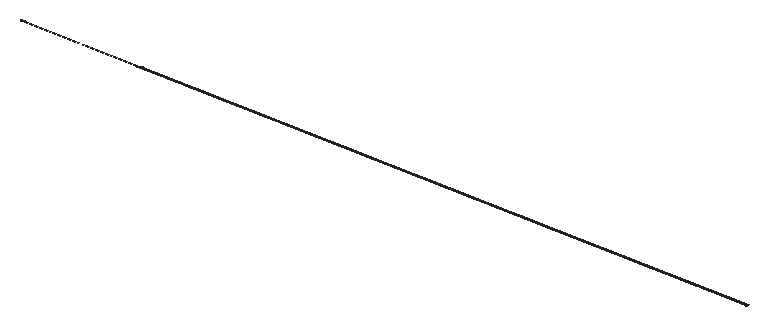
Revit family "Flex Pro IP20_0068175-78", category Lighting Fixtures, host Face, Revit 2017 (continued)
Forms (mm)
  Extrusion 66, solid
    sketch origin (2897.891, 0, 0) x (1, 0, 0) y (0, 1, 0)
      loop
        line (7.4, -1.7) -> (7.4, 1.7) -> (4.6, 1.7) -> (4.6, -1.7) -> (7.4, -1.7)
      loop
        line (15.7, -1.7) -> (15.7, 1.7) -> (12.9, 1.7) -> (12.9, -1.7) -> (15.7, -1.7)
      loop
        line (21.2, 1.7) -> (21.2, -1.7) -> (24, -1.7) -> (24, 1.7) -> (21.2, 1.7)
      loop
        line (32.3, -1.7) -> (32.3, 1.7) -> (29.5, 1.7) -> (29.5, -1.7) -> (32.3, -1.7)
      loop
        line (40.6, -1.7) -> (40.6, 1.7) -> (37.8, 1.7) -> (37.8, -1.7) -> (40.6, -1.7)
      loop
        line (48.9, -1.7) -> (48.9, 1.7) -> (46.1, 1.7) -> (46.1, -1.7) -> (48.9, -1.7)
    from -1.2 to 0
  Extrusion 67, solid
    sketch origin (2947.855, 0, 0) x (1, 0, 0) y (0, 1, 0)
      loop
        line (7.4, -1.7) -> (7.4, 1.7) -> (4.6, 1.7) -> (4.6, -1.7) -> (7.4, -1.7)
      loop
        line (15.7, -1.7) -> (15.7, 1.7) -> (12.9, 1.7) -> (12.9, -1.7) -> (15.7, -1.7)
      loop
        line (21.2, 1.7) -> (21.2, -1.7) -> (24, -1.7) -> (24, 1.7) -> (21.2, 1.7)
      loop
        line (32.3, -1.7) -> (32.3, 1.7) -> (29.5, 1.7) -> (29.5, -1.7) -> (32.3, -1.7)
      loop
        line (40.6, -1.7) -> (40.6, 1.7) -> (37.8, 1.7) -> (37.8, -1.7) -> (40.6, -1.7)
      loop
        line (48.9, -1.7) -> (48.9, 1.7) -> (46.1, 1.7) -> (46.1, -1.7) -> (48.9, -1.7)
    from -1.2 to 0
  Extrusion 68, solid
    sketch origin (2997.818, 0, 0) x (1, 0, 0) y (0, 1, 0)
      loop
        line (7.4, -1.7) -> (7.4, 1.7) -> (4.6, 1.7) -> (4.6, -1.7) -> (7.4, -1.7)
      loop
        line (15.7, -1.7) -> (15.7, 1.7) -> (12.9, 1.7) -> (12.9, -1.7) -> (15.7, -1.7)
      loop
        line (21.2, 1.7) -> (21.2, -1.7) -> (24, -1.7) -> (24, 1.7) -> (21.2, 1.7)
      loop
        line (32.3, -1.7) -> (32.3, 1.7) -> (29.5, 1.7) -> (29.5, -1.7) -> (32.3, -1.7)
      loop
        line (40.6, -1.7) -> (40.6, 1.7) -> (37.8, 1.7) -> (37.8, -1.7) -> (40.6, -1.7)
      loop
        line (48.9, -1.7) -> (48.9, 1.7) -> (46.1, 1.7) -> (46.1, -1.7) -> (48.9, -1.7)
    from -1.2 to 0
  Extrusion 69, solid
    sketch origin (3047.782, 0, 0) x (1, 0, 0) y (0, 1, 0)
      loop
        line (7.4, -1.7) -> (7.4, 1.7) -> (4.6, 1.7) -> (4.6, -1.7) -> (7.4, -1.7)
      loop
        line (15.7, -1.7) -> (15.7, 1.7) -> (12.9, 1.7) -> (12.9, -1.7) -> (15.7, -1.7)
      loop
        line (21.2, 1.7) -> (21.2, -1.7) -> (24, -1.7) -> (24, 1.7) -> (21.2, 1.7)
      loop
        line (32.3, -1.7) -> (32.3, 1.7) -> (29.5, 1.7) -> (29.5, -1.7) -> (32.3, -1.7)
      loop
        line (40.6, -1.7) -> (40.6, 1.7) -> (37.8, 1.7) -> (37.8, -1.7) -> (40.6, -1.7)
      loop
        line (48.9, -1.7) -> (48.9, 1.7) -> (46.1, 1.7) -> (46.1, -1.7) -> (48.9, -1.7)
    from -1.2 to 0
  Extrusion 70, solid
    sketch origin (3097.745, 0, 0) x (1, 0, 0) y (0, 1, 0)
      loop
        line (7.4, -1.7) -> (7.4, 1.7) -> (4.6, 1.7) -> (4.6, -1.7) -> (7.4, -1.7)
      loop
        line (15.7, -1.7) -> (15.7, 1.7) -> (12.9, 1.7) -> (12.9, -1.7) -> (15.7, -1.7)
      loop
        line (21.2, 1.7) -> (21.2, -1.7) -> (24, -1.7) -> (24, 1.7) -> (21.2, 1.7)
      loop
        line (32.3, -1.7) -> (32.3, 1.7) -> (29.5, 1.7) -> (29.5, -1.7) -> (32.3, -1.7)
      loop
        line (40.6, -1.7) -> (40.6, 1.7) -> (37.8, 1.7) -> (37.8, -1.7) -> (40.6, -1.7)
      loop
        line (48.9, -1.7) -> (48.9, 1.7) -> (46.1, 1.7) -> (46.1, -1.7) -> (48.9, -1.7)
    from -1.2 to 0
  Extrusion 71, solid
    sketch origin (3147.709, 0, 0) x (1, 0, 0) y (0, 1, 0)
      loop
        line (7.4, -1.7) -> (7.4, 1.7) -> (4.6, 1.7) -> (4.6, -1.7) -> (7.4, -1.7)
      loop
        line (15.7, -1.7) -> (15.7, 1.7) -> (12.9, 1.7) -> (12.9, -1.7) -> (15.7, -1.7)
      loop
        line (21.2, 1.7) -> (21.2, -1.7) -> (24, -1.7) -> (24, 1.7) -> (21.2, 1.7)
      loop
        line (32.3, -1.7) -> (32.3, 1.7) -> (29.5, 1.7) -> (29.5, -1.7) -> (32.3, -1.7)
      loop
        line (40.6, -1.7) -> (40.6, 1.7) -> (37.8, 1.7) -> (37.8, -1.7) -> (40.6, -1.7)
      loop
        line (48.9, -1.7) -> (48.9, 1.7) -> (46.1, 1.7) -> (46.1, -1.7) -> (48.9, -1.7)
    from -1.2 to 0
  Extrusion 72, solid
    sketch origin (3197.673, 0, 0) x (1, 0, 0) y (0, 1, 0)
      loop
        line (7.4, -1.7) -> (7.4, 1.7) -> (4.6, 1.7) -> (4.6, -1.7) -> (7.4, -1.7)
      loop
        line (15.7, -1.7) -> (15.7, 1.7) -> (12.9, 1.7) -> (12.9, -1.7) -> (15.7, -1.7)
      loop
        line (21.2, 1.7) -> (21.2, -1.7) -> (24, -1.7) -> (24, 1.7) -> (21.2, 1.7)
      loop
        line (32.3, -1.7) -> (32.3, 1.7) -> (29.5, 1.7) -> (29.5, -1.7) -> (32.3, -1.7)
      loop
        line (40.6, -1.7) -> (40.6, 1.7) -> (37.8, 1.7) -> (37.8, -1.7) -> (40.6, -1.7)
      loop
        line (48.9, -1.7) -> (48.9, 1.7) -> (46.1, 1.7) -> (46.1, -1.7) -> (48.9, -1.7)
    from -1.2 to 0
  Extrusion 73, solid
    sketch origin (3247.636, 0, 0) x (1, 0, 0) y (0, 1, 0)
      loop
        line (7.4, -1.7) -> (7.4, 1.7) -> (4.6, 1.7) -> (4.6, -1.7) -> (7.4, -1.7)
      loop
        line (15.7, -1.7) -> (15.7, 1.7) -> (12.9, 1.7) -> (12.9, -1.7) -> (15.7, -1.7)
      loop
        line (21.2, 1.7) -> (21.2, -1.7) -> (24, -1.7) -> (24, 1.7) -> (21.2, 1.7)
      loop
        line (32.3, -1.7) -> (32.3, 1.7) -> (29.5, 1.7) -> (29.5, -1.7) -> (32.3, -1.7)
      loop
        line (40.6, -1.7) -> (40.6, 1.7) -> (37.8, 1.7) -> (37.8, -1.7) -> (40.6, -1.7)
      loop
        line (48.9, -1.7) -> (48.9, 1.7) -> (46.1, 1.7) -> (46.1, -1.7) -> (48.9, -1.7)
    from -1.2 to 0
  Extrusion 74, solid
    sketch origin (3297.6, 0, 0) x (1, 0, 0) y (0, 1, 0)
      loop
        line (7.4, -1.7) -> (7.4, 1.7) -> (4.6, 1.7) -> (4.6, -1.7) -> (7.4, -1.7)
      loop
        line (15.7, -1.7) -> (15.7, 1.7) -> (12.9, 1.7) -> (12.9, -1.7) -> (15.7, -1.7)
      loop
        line (21.2, 1.7) -> (21.2, -1.7) -> (24, -1.7) -> (24, 1.7) -> (21.2, 1.7)
      loop
        line (32.3, -1.7) -> (32.3, 1.7) -> (29.5, 1.7) -> (29.5, -1.7) -> (32.3, -1.7)
      loop
        line (40.6, -1.7) -> (40.6, 1.7) -> (37.8, 1.7) -> (37.8, -1.7) -> (40.6, -1.7)
      loop
        line (48.9, -1.7) -> (48.9, 1.7) -> (46.1, 1.7) -> (46.1, -1.7) -> (48.9, -1.7)
    from -1.2 to 0
  Extrusion 75, solid
    sketch origin (3347.564, 0, 0) x (1, 0, 0) y (0, 1, 0)
      loop
        line (7.4, -1.7) -> (7.4, 1.7) -> (4.6, 1.7) -> (4.6, -1.7) -> (7.4, -1.7)
      loop
        line (15.7, -1.7) -> (15.7, 1.7) -> (12.9, 1.7) -> (12.9, -1.7) -> (15.7, -1.7)
      loop
        line (21.2, 1.7) -> (21.2, -1.7) -> (24, -1.7) -> (24, 1.7) -> (21.2, 1.7)
      loop
        line (32.3, -1.7) -> (32.3, 1.7) -> (29.5, 1.7) -> (29.5, -1.7) -> (32.3, -1.7)
      loop
        line (40.6, -1.7) -> (40.6, 1.7) -> (37.8, 1.7) -> (37.8, -1.7) -> (40.6, -1.7)
      loop
        line (48.9, -1.7) -> (48.9, 1.7) -> (46.1, 1.7) -> (46.1, -1.7) -> (48.9, -1.7)
    from -1.2 to 0
  Extrusion 76, solid
    sketch origin (3397.527, 0, 0) x (1, 0, 0) y (0, 1, 0)
      loop
        line (7.4, -1.7) -> (7.4, 1.7) -> (4.6, 1.7) -> (4.6, -1.7) -> (7.4, -1.7)
      loop
        line (15.7, -1.7) -> (15.7, 1.7) -> (12.9, 1.7) -> (12.9, -1.7) -> (15.7, -1.7)
      loop
        line (21.2, 1.7) -> (21.2, -1.7) -> (24, -1.7) -> (24, 1.7) -> (21.2, 1.7)
      loop
        line (32.3, -1.7) -> (32.3, 1.7) -> (29.5, 1.7) -> (29.5, -1.7) -> (32.3, -1.7)
      loop
        line (40.6, -1.7) -> (40.6, 1.7) -> (37.8, 1.7) -> (37.8, -1.7) -> (40.6, -1.7)
      loop
        line (48.9, -1.7) -> (48.9, 1.7) -> (46.1, 1.7) -> (46.1, -1.7) -> (48.9, -1.7)
    from -1.2 to 0
  Extrusion 77, solid
    sketch origin (3447.491, 0, 0) x (1, 0, 0) y (0, 1, 0)
      loop
        line (7.4, -1.7) -> (7.4, 1.7) -> (4.6, 1.7) -> (4.6, -1.7) -> (7.4, -1.7)
      loop
        line (15.7, -1.7) -> (15.7, 1.7) -> (12.9, 1.7) -> (12.9, -1.7) -> (15.7, -1.7)
      loop
        line (21.2, 1.7) -> (21.2, -1.7) -> (24, -1.7) -> (24, 1.7) -> (21.2, 1.7)
      loop
        line (32.3, -1.7) -> (32.3, 1.7) -> (29.5, 1.7) -> (29.5, -1.7) -> (32.3, -1.7)
      loop
        line (40.6, -1.7) -> (40.6, 1.7) -> (37.8, 1.7) -> (37.8, -1.7) -> (40.6, -1.7)
      loop
        line (48.9, -1.7) -> (48.9, 1.7) -> (46.1, 1.7) -> (46.1, -1.7) -> (48.9, -1.7)
    from -1.2 to 0
  Extrusion 78, solid
    sketch origin (3497.455, 0, 0) x (1, 0, 0) y (0, 1, 0)
      loop
        line (7.4, -1.7) -> (7.4, 1.7) -> (4.6, 1.7) -> (4.6, -1.7) -> (7.4, -1.7)
      loop
        line (15.7, -1.7) -> (15.7, 1.7) -> (12.9, 1.7) -> (12.9, -1.7) -> (15.7, -1.7)
      loop
        line (21.2, 1.7) -> (21.2, -1.7) -> (24, -1.7) -> (24, 1.7) -> (21.2, 1.7)
      loop
        line (32.3, -1.7) -> (32.3, 1.7) -> (29.5, 1.7) -> (29.5, -1.7) -> (32.3, -1.7)
      loop
        line (40.6, -1.7) -> (40.6, 1.7) -> (37.8, 1.7) -> (37.8, -1.7) -> (40.6, -1.7)
      loop
        line (48.9, -1.7) -> (48.9, 1.7) -> (46.1, 1.7) -> (46.1, -1.7) -> (48.9, -1.7)
    from -1.2 to 0
  Extrusion 79, solid
    sketch origin (3547.418, 0, 0) x (1, 0, 0) y (0, 1, 0)
      loop
        line (7.4, -1.7) -> (7.4, 1.7) -> (4.6, 1.7) -> (4.6, -1.7) -> (7.4, -1.7)
      loop
        line (15.7, -1.7) -> (15.7, 1.7) -> (12.9, 1.7) -> (12.9, -1.7) -> (15.7, -1.7)
      loop
        line (21.2, 1.7) -> (21.2, -1.7) -> (24, -1.7) -> (24, 1.7) -> (21.2, 1.7)
      loop
        line (32.3, -1.7) -> (32.3, 1.7) -> (29.5, 1.7) -> (29.5, -1.7) -> (32.3, -1.7)
      loop
        line (40.6, -1.7) -> (40.6, 1.7) -> (37.8, 1.7) -> (37.8, -1.7) -> (40.6, -1.7)
      loop
        line (48.9, -1.7) -> (48.9, 1.7) -> (46.1, 1.7) -> (46.1, -1.7) -> (48.9, -1.7)
    from -1.2 to 0
  Extrusion 80, solid
    sketch origin (3597.382, 0, 0) x (1, 0, 0) y (0, 1, 0)
      loop
        line (7.4, -1.7) -> (7.4, 1.7) -> (4.6, 1.7) -> (4.6, -1.7) -> (7.4, -1.7)
      loop
        line (15.7, -1.7) -> (15.7, 1.7) -> (12.9, 1.7) -> (12.9, -1.7) -> (15.7, -1.7)
      loop
        line (21.2, 1.7) -> (21.2, -1.7) -> (24, -1.7) -> (24, 1.7) -> (21.2, 1.7)
      loop
        line (32.3, -1.7) -> (32.3, 1.7) -> (29.5, 1.7) -> (29.5, -1.7) -> (32.3, -1.7)
      loop
        line (40.6, -1.7) -> (40.6, 1.7) -> (37.8, 1.7) -> (37.8, -1.7) -> (40.6, -1.7)
      loop
        line (48.9, -1.7) -> (48.9, 1.7) -> (46.1, 1.7) -> (46.1, -1.7) -> (48.9, -1.7)
    from -1.2 to 0
  Extrusion 81, solid
    sketch origin (3647.345, 0, 0) x (1, 0, 0) y (0, 1, 0)
      loop
        line (7.4, -1.7) -> (7.4, 1.7) -> (4.6, 1.7) -> (4.6, -1.7) -> (7.4, -1.7)
      loop
        line (15.7, -1.7) -> (15.7, 1.7) -> (12.9, 1.7) -> (12.9, -1.7) -> (15.7, -1.7)
      loop
        line (21.2, 1.7) -> (21.2, -1.7) -> (24, -1.7) -> (24, 1.7) -> (21.2, 1.7)
      loop
        line (32.3, -1.7) -> (32.3, 1.7) -> (29.5, 1.7) -> (29.5, -1.7) -> (32.3, -1.7)
      loop
        line (40.6, -1.7) -> (40.6, 1.7) -> (37.8, 1.7) -> (37.8, -1.7) -> (40.6, -1.7)
      loop
        line (48.9, -1.7) -> (48.9, 1.7) -> (46.1, 1.7) -> (46.1, -1.7) -> (48.9, -1.7)
    from -1.2 to 0
  Extrusion 82, solid
    sketch origin (3697.309, 0, 0) x (1, 0, 0) y (0, 1, 0)
      loop
        line (7.4, -1.7) -> (7.4, 1.7) -> (4.6, 1.7) -> (4.6, -1.7) -> (7.4, -1.7)
      loop
        line (15.7, -1.7) -> (15.7, 1.7) -> (12.9, 1.7) -> (12.9, -1.7) -> (15.7, -1.7)
      loop
        line (21.2, 1.7) -> (21.2, -1.7) -> (24, -1.7) -> (24, 1.7) -> (21.2, 1.7)
      loop
        line (32.3, -1.7) -> (32.3, 1.7) -> (29.5, 1.7) -> (29.5, -1.7) -> (32.3, -1.7)
      loop
        line (40.6, -1.7) -> (40.6, 1.7) -> (37.8, 1.7) -> (37.8, -1.7) -> (40.6, -1.7)
      loop
        line (48.9, -1.7) -> (48.9, 1.7) -> (46.1, 1.7) -> (46.1, -1.7) -> (48.9, -1.7)
    from -1.2 to 0
  Extrusion 83, solid
    sketch origin (3747.273, 0, 0) x (1, 0, 0) y (0, 1, 0)
      loop
        line (7.4, -1.7) -> (7.4, 1.7) -> (4.6, 1.7) -> (4.6, -1.7) -> (7.4, -1.7)
      loop
        line (15.7, -1.7) -> (15.7, 1.7) -> (12.9, 1.7) -> (12.9, -1.7) -> (15.7, -1.7)
      loop
        line (21.2, 1.7) -> (21.2, -1.7) -> (24, -1.7) -> (24, 1.7) -> (21.2, 1.7)
      loop
        line (32.3, -1.7) -> (32.3, 1.7) -> (29.5, 1.7) -> (29.5, -1.7) -> (32.3, -1.7)
      loop
        line (40.6, -1.7) -> (40.6, 1.7) -> (37.8, 1.7) -> (37.8, -1.7) -> (40.6, -1.7)
      loop
        line (48.9, -1.7) -> (48.9, 1.7) -> (46.1, 1.7) -> (46.1, -1.7) -> (48.9, -1.7)
    from -1.2 to 0
  Extrusion 84, solid
    sketch origin (3797.236, 0, 0) x (1, 0, 0) y (0, 1, 0)
      loop
        line (7.4, -1.7) -> (7.4, 1.7) -> (4.6, 1.7) -> (4.6, -1.7) -> (7.4, -1.7)
      loop
        line (15.7, -1.7) -> (15.7, 1.7) -> (12.9, 1.7) -> (12.9, -1.7) -> (15.7, -1.7)
      loop
        line (21.2, 1.7) -> (21.2, -1.7) -> (24, -1.7) -> (24, 1.7) -> (21.2, 1.7)
      loop
        line (32.3, -1.7) -> (32.3, 1.7) -> (29.5, 1.7) -> (29.5, -1.7) -> (32.3, -1.7)
      loop
        line (40.6, -1.7) -> (40.6, 1.7) -> (37.8, 1.7) -> (37.8, -1.7) -> (40.6, -1.7)
      loop
        line (48.9, -1.7) -> (48.9, 1.7) -> (46.1, 1.7) -> (46.1, -1.7) -> (48.9, -1.7)
    from -1.2 to 0
  Extrusion 85, solid
    sketch origin (3847.2, 0, 0) x (1, 0, 0) y (0, 1, 0)
      loop
        line (7.4, -1.7) -> (7.4, 1.7) -> (4.6, 1.7) -> (4.6, -1.7) -> (7.4, -1.7)
      loop
        line (15.7, -1.7) -> (15.7, 1.7) -> (12.9, 1.7) -> (12.9, -1.7) -> (15.7, -1.7)
      loop
        line (21.2, 1.7) -> (21.2, -1.7) -> (24, -1.7) -> (24, 1.7) -> (21.2, 1.7)
      loop
        line (32.3, -1.7) -> (32.3, 1.7) -> (29.5, 1.7) -> (29.5, -1.7) -> (32.3, -1.7)
      loop
        line (40.6, -1.7) -> (40.6, 1.7) -> (37.8, 1.7) -> (37.8, -1.7) -> (40.6, -1.7)
      loop
        line (48.9, -1.7) -> (48.9, 1.7) -> (46.1, 1.7) -> (46.1, -1.7) -> (48.9, -1.7)
    from -1.2 to 0
  Extrusion 86, solid
    sketch origin (3897.164, 0, 0) x (1, 0, 0) y (0, 1, 0)
      loop
        line (7.4, -1.7) -> (7.4, 1.7) -> (4.6, 1.7) -> (4.6, -1.7) -> (7.4, -1.7)
      loop
        line (15.7, -1.7) -> (15.7, 1.7) -> (12.9, 1.7) -> (12.9, -1.7) -> (15.7, -1.7)
      loop
        line (21.2, 1.7) -> (21.2, -1.7) -> (24, -1.7) -> (24, 1.7) -> (21.2, 1.7)
      loop
        line (32.3, -1.7) -> (32.3, 1.7) -> (29.5, 1.7) -> (29.5, -1.7) -> (32.3, -1.7)
      loop
        line (40.6, -1.7) -> (40.6, 1.7) -> (37.8, 1.7) -> (37.8, -1.7) -> (40.6, -1.7)
      loop
        line (48.9, -1.7) -> (48.9, 1.7) -> (46.1, 1.7) -> (46.1, -1.7) -> (48.9, -1.7)
    from -1.2 to 0
  Extrusion 87, solid
    sketch origin (3947.127, 0, 0) x (1, 0, 0) y (0, 1, 0)
      loop
        line (7.4, -1.7) -> (7.4, 1.7) -> (4.6, 1.7) -> (4.6, -1.7) -> (7.4, -1.7)
      loop
        line (15.7, -1.7) -> (15.7, 1.7) -> (12.9, 1.7) -> (12.9, -1.7) -> (15.7, -1.7)
      loop
        line (21.2, 1.7) -> (21.2, -1.7) -> (24, -1.7) -> (24, 1.7) -> (21.2, 1.7)
      loop
        line (32.3, -1.7) -> (32.3, 1.7) -> (29.5, 1.7) -> (29.5, -1.7) -> (32.3, -1.7)
      loop
        line (40.6, -1.7) -> (40.6, 1.7) -> (37.8, 1.7) -> (37.8, -1.7) -> (40.6, -1.7)
      loop
        line (48.9, -1.7) -> (48.9, 1.7) -> (46.1, 1.7) -> (46.1, -1.7) -> (48.9, -1.7)
    from -1.2 to 0
  Extrusion 88, solid
    sketch origin (3997.091, 0, 0) x (1, 0, 0) y (0, 1, 0)
      loop
        line (7.4, -1.7) -> (7.4, 1.7) -> (4.6, 1.7) -> (4.6, -1.7) -> (7.4, -1.7)
      loop
        line (15.7, -1.7) -> (15.7, 1.7) -> (12.9, 1.7) -> (12.9, -1.7) -> (15.7, -1.7)
      loop
        line (21.2, 1.7) -> (21.2, -1.7) -> (24, -1.7) -> (24, 1.7) -> (21.2, 1.7)
      loop
        line (32.3, -1.7) -> (32.3, 1.7) -> (29.5, 1.7) -> (29.5, -1.7) -> (32.3, -1.7)
      loop
        line (40.6, -1.7) -> (40.6, 1.7) -> (37.8, 1.7) -> (37.8, -1.7) -> (40.6, -1.7)
      loop
        line (48.9, -1.7) -> (48.9, 1.7) -> (46.1, 1.7) -> (46.1, -1.7) -> (48.9, -1.7)
    from -1.2 to 0
  Extrusion 89, solid
    sketch origin (4047.055, 0, 0) x (1, 0, 0) y (0, 1, 0)
      loop
        line (7.4, -1.7) -> (7.4, 1.7) -> (4.6, 1.7) -> (4.6, -1.7) -> (7.4, -1.7)
      loop
        line (15.7, -1.7) -> (15.7, 1.7) -> (12.9, 1.7) -> (12.9, -1.7) -> (15.7, -1.7)
      loop
        line (21.2, 1.7) -> (21.2, -1.7) -> (24, -1.7) -> (24, 1.7) -> (21.2, 1.7)
      loop
        line (32.3, -1.7) -> (32.3, 1.7) -> (29.5, 1.7) -> (29.5, -1.7) -> (32.3, -1.7)
      loop
        line (40.6, -1.7) -> (40.6, 1.7) -> (37.8, 1.7) -> (37.8, -1.7) -> (40.6, -1.7)
      loop
        line (48.9, -1.7) -> (48.9, 1.7) -> (46.1, 1.7) -> (46.1, -1.7) -> (48.9, -1.7)
    from -1.2 to 0
  Extrusion 90, solid
    sketch origin (4097.018, 0, 0) x (1, 0, 0) y (0, 1, 0)
      loop
        line (7.4, -1.7) -> (7.4, 1.7) -> (4.6, 1.7) -> (4.6, -1.7) -> (7.4, -1.7)
      loop
        line (15.7, -1.7) -> (15.7, 1.7) -> (12.9, 1.7) -> (12.9, -1.7) -> (15.7, -1.7)
      loop
        line (21.2, 1.7) -> (21.2, -1.7) -> (24, -1.7) -> (24, 1.7) -> (21.2, 1.7)
      loop
        line (32.3, -1.7) -> (32.3, 1.7) -> (29.5, 1.7) -> (29.5, -1.7) -> (32.3, -1.7)
      loop
        line (40.6, -1.7) -> (40.6, 1.7) -> (37.8, 1.7) -> (37.8, -1.7) -> (40.6, -1.7)
      loop
        line (48.9, -1.7) -> (48.9, 1.7) -> (46.1, 1.7) -> (46.1, -1.7) -> (48.9, -1.7)
    from -1.2 to 0
  Extrusion 91, solid
    sketch origin (4146.982, 0, 0) x (1, 0, 0) y (0, 1, 0)
      loop
        line (7.4, -1.7) -> (7.4, 1.7) -> (4.6, 1.7) -> (4.6, -1.7) -> (7.4, -1.7)
      loop
        line (15.7, -1.7) -> (15.7, 1.7) -> (12.9, 1.7) -> (12.9, -1.7) -> (15.7, -1.7)
      loop
        line (21.2, 1.7) -> (21.2, -1.7) -> (24, -1.7) -> (24, 1.7) -> (21.2, 1.7)
      loop
        line (32.3, -1.7) -> (32.3, 1.7) -> (29.5, 1.7) -> (29.5, -1.7) -> (32.3, -1.7)
      loop
        line (40.6, -1.7) -> (40.6, 1.7) -> (37.8, 1.7) -> (37.8, -1.7) -> (40.6, -1.7)
      loop
        line (48.9, -1.7) -> (48.9, 1.7) -> (46.1, 1.7) -> (46.1, -1.7) -> (48.9, -1.7)
    from -1.2 to 0
  Extrusion 92, solid
    sketch origin (4196.945, 0, 0) x (1, 0, 0) y (0, 1, 0)
      loop
        line (7.4, -1.7) -> (7.4, 1.7) -> (4.6, 1.7) -> (4.6, -1.7) -> (7.4, -1.7)
      loop
        line (15.7, -1.7) -> (15.7, 1.7) -> (12.9, 1.7) -> (12.9, -1.7) -> (15.7, -1.7)
      loop
        line (21.2, 1.7) -> (21.2, -1.7) -> (24, -1.7) -> (24, 1.7) -> (21.2, 1.7)
      loop
        line (32.3, -1.7) -> (32.3, 1.7) -> (29.5, 1.7) -> (29.5, -1.7) -> (32.3, -1.7)
      loop
        line (40.6, -1.7) -> (40.6, 1.7) -> (37.8, 1.7) -> (37.8, -1.7) -> (40.6, -1.7)
      loop
        line (48.9, -1.7) -> (48.9, 1.7) -> (46.1, 1.7) -> (46.1, -1.7) -> (48.9, -1.7)
    from -1.2 to 0
  Extrusion 93, solid
    sketch origin (4246.909, 0, 0) x (1, 0, 0) y (0, 1, 0)
      loop
        line (7.4, -1.7) -> (7.4, 1.7) -> (4.6, 1.7) -> (4.6, -1.7) -> (7.4, -1.7)
      loop
        line (15.7, -1.7) -> (15.7, 1.7) -> (12.9, 1.7) -> (12.9, -1.7) -> (15.7, -1.7)
      loop
        line (21.2, 1.7) -> (21.2, -1.7) -> (24, -1.7) -> (24, 1.7) -> (21.2, 1.7)
      loop
        line (32.3, -1.7) -> (32.3, 1.7) -> (29.5, 1.7) -> (29.5, -1.7) -> (32.3, -1.7)
      loop
        line (40.6, -1.7) -> (40.6, 1.7) -> (37.8, 1.7) -> (37.8, -1.7) -> (40.6, -1.7)
      loop
        line (48.9, -1.7) -> (48.9, 1.7) -> (46.1, 1.7) -> (46.1, -1.7) -> (48.9, -1.7)
    from -1.2 to 0
  Extrusion 94, solid
    sketch origin (4296.873, 0, 0) x (1, 0, 0) y (0, 1, 0)
      loop
        line (7.4, -1.7) -> (7.4, 1.7) -> (4.6, 1.7) -> (4.6, -1.7) -> (7.4, -1.7)
      loop
        line (15.7, -1.7) -> (15.7, 1.7) -> (12.9, 1.7) -> (12.9, -1.7) -> (15.7, -1.7)
      loop
        line (21.2, 1.7) -> (21.2, -1.7) -> (24, -1.7) -> (24, 1.7) -> (21.2, 1.7)
      loop
        line (32.3, -1.7) -> (32.3, 1.7) -> (29.5, 1.7) -> (29.5, -1.7) -> (32.3, -1.7)
      loop
        line (40.6, -1.7) -> (40.6, 1.7) -> (37.8, 1.7) -> (37.8, -1.7) -> (40.6, -1.7)
      loop
        line (48.9, -1.7) -> (48.9, 1.7) -> (46.1, 1.7) -> (46.1, -1.7) -> (48.9, -1.7)
    from -1.2 to 0
  Extrusion 95, solid
    sketch origin (4346.836, 0, 0) x (1, 0, 0) y (0, 1, 0)
      loop
        line (7.4, -1.7) -> (7.4, 1.7) -> (4.6, 1.7) -> (4.6, -1.7) -> (7.4, -1.7)
      loop
        line (15.7, -1.7) -> (15.7, 1.7) -> (12.9, 1.7) -> (12.9, -1.7) -> (15.7, -1.7)
      loop
        line (21.2, 1.7) -> (21.2, -1.7) -> (24, -1.7) -> (24, 1.7) -> (21.2, 1.7)
      loop
        line (32.3, -1.7) -> (32.3, 1.7) -> (29.5, 1.7) -> (29.5, -1.7) -> (32.3, -1.7)
      loop
        line (40.6, -1.7) -> (40.6, 1.7) -> (37.8, 1.7) -> (37.8, -1.7) -> (40.6, -1.7)
      loop
        line (48.9, -1.7) -> (48.9, 1.7) -> (46.1, 1.7) -> (46.1, -1.7) -> (48.9, -1.7)
    from -1.2 to 0
  Extrusion 96, solid
    sketch origin (4396.8, 0, 0) x (1, 0, 0) y (0, 1, 0)
      loop
        line (7.4, -1.7) -> (7.4, 1.7) -> (4.6, 1.7) -> (4.6, -1.7) -> (7.4, -1.7)
      loop
        line (15.7, -1.7) -> (15.7, 1.7) -> (12.9, 1.7) -> (12.9, -1.7) -> (15.7, -1.7)
      loop
        line (21.2, 1.7) -> (21.2, -1.7) -> (24, -1.7) -> (24, 1.7) -> (21.2, 1.7)
      loop
        line (32.3, -1.7) -> (32.3, 1.7) -> (29.5, 1.7) -> (29.5, -1.7) -> (32.3, -1.7)
      loop
        line (40.6, -1.7) -> (40.6, 1.7) -> (37.8, 1.7) -> (37.8, -1.7) -> (40.6, -1.7)
      loop
        line (48.9, -1.7) -> (48.9, 1.7) -> (46.1, 1.7) -> (46.1, -1.7) -> (48.9, -1.7)
    from -1.2 to 0
  Extrusion 97, solid
    sketch origin (4446.764, 0, 0) x (1, 0, 0) y (0, 1, 0)
      loop
        line (7.4, -1.7) -> (7.4, 1.7) -> (4.6, 1.7) -> (4.6, -1.7) -> (7.4, -1.7)
      loop
        line (15.7, -1.7) -> (15.7, 1.7) -> (12.9, 1.7) -> (12.9, -1.7) -> (15.7, -1.7)
      loop
        line (21.2, 1.7) -> (21.2, -1.7) -> (24, -1.7) -> (24, 1.7) -> (21.2, 1.7)
      loop
        line (32.3, -1.7) -> (32.3, 1.7) -> (29.5, 1.7) -> (29.5, -1.7) -> (32.3, -1.7)
      loop
        line (40.6, -1.7) -> (40.6, 1.7) -> (37.8, 1.7) -> (37.8, -1.7) -> (40.6, -1.7)
      loop
        line (48.9, -1.7) -> (48.9, 1.7) -> (46.1, 1.7) -> (46.1, -1.7) -> (48.9, -1.7)
    from -1.2 to 0
  Extrusion 98, solid
    sketch origin (4496.727, 0, 0) x (1, 0, 0) y (0, 1, 0)
      loop
        line (7.4, -1.7) -> (7.4, 1.7) -> (4.6, 1.7) -> (4.6, -1.7) -> (7.4, -1.7)
      loop
        line (15.7, -1.7) -> (15.7, 1.7) -> (12.9, 1.7) -> (12.9, -1.7) -> (15.7, -1.7)
      loop
        line (21.2, 1.7) -> (21.2, -1.7) -> (24, -1.7) -> (24, 1.7) -> (21.2, 1.7)
      loop
        line (32.3, -1.7) -> (32.3, 1.7) -> (29.5, 1.7) -> (29.5, -1.7) -> (32.3, -1.7)
      loop
        line (40.6, -1.7) -> (40.6, 1.7) -> (37.8, 1.7) -> (37.8, -1.7) -> (40.6, -1.7)
      loop
        line (48.9, -1.7) -> (48.9, 1.7) -> (46.1, 1.7) -> (46.1, -1.7) -> (48.9, -1.7)
    from -1.2 to 0
  Extrusion 99, solid
    sketch origin (4546.691, 0, 0) x (1, 0, 0) y (0, 1, 0)
      loop
        line (7.4, -1.7) -> (7.4, 1.7) -> (4.6, 1.7) -> (4.6, -1.7) -> (7.4, -1.7)
      loop
        line (15.7, -1.7) -> (15.7, 1.7) -> (12.9, 1.7) -> (12.9, -1.7) -> (15.7, -1.7)
      loop
        line (21.2, 1.7) -> (21.2, -1.7) -> (24, -1.7) -> (24, 1.7) -> (21.2, 1.7)
      loop
        line (32.3, -1.7) -> (32.3, 1.7) -> (29.5, 1.7) -> (29.5, -1.7) -> (32.3, -1.7)
      loop
        line (40.6, -1.7) -> (40.6, 1.7) -> (37.8, 1.7) -> (37.8, -1.7) -> (40.6, -1.7)
      loop
        line (48.9, -1.7) -> (48.9, 1.7) -> (46.1, 1.7) -> (46.1, -1.7) -> (48.9, -1.7)
    from -1.2 to 0
  Extrusion 100, solid
    sketch origin (4596.655, 0, 0) x (1, 0, 0) y (0, 1, 0)
      loop
        line (7.4, -1.7) -> (7.4, 1.7) -> (4.6, 1.7) -> (4.6, -1.7) -> (7.4, -1.7)
      loop
        line (15.7, -1.7) -> (15.7, 1.7) -> (12.9, 1.7) -> (12.9, -1.7) -> (15.7, -1.7)
      loop
        line (21.2, 1.7) -> (21.2, -1.7) -> (24, -1.7) -> (24, 1.7) -> (21.2, 1.7)
      loop
        line (32.3, -1.7) -> (32.3, 1.7) -> (29.5, 1.7) -> (29.5, -1.7) -> (32.3, -1.7)
      loop
        line (40.6, -1.7) -> (40.6, 1.7) -> (37.8, 1.7) -> (37.8, -1.7) -> (40.6, -1.7)
      loop
        line (48.9, -1.7) -> (48.9, 1.7) -> (46.1, 1.7) -> (46.1, -1.7) -> (48.9, -1.7)
    from -1.2 to 0
  Extrusion 101, solid
    sketch origin (4646.618, 0, 0) x (1, 0, 0) y (0, 1, 0)
      loop
        line (7.4, -1.7) -> (7.4, 1.7) -> (4.6, 1.7) -> (4.6, -1.7) -> (7.4, -1.7)
      loop
        line (15.7, -1.7) -> (15.7, 1.7) -> (12.9, 1.7) -> (12.9, -1.7) -> (15.7, -1.7)
      loop
        line (21.2, 1.7) -> (21.2, -1.7) -> (24, -1.7) -> (24, 1.7) -> (21.2, 1.7)
      loop
        line (32.3, -1.7) -> (32.3, 1.7) -> (29.5, 1.7) -> (29.5, -1.7) -> (32.3, -1.7)
      loop
        line (40.6, -1.7) -> (40.6, 1.7) -> (37.8, 1.7) -> (37.8, -1.7) -> (40.6, -1.7)
      loop
        line (48.9, -1.7) -> (48.9, 1.7) -> (46.1, 1.7) -> (46.1, -1.7) -> (48.9, -1.7)
    from -1.2 to 0
  Extrusion 102, solid
    sketch origin (4696.582, 0, 0) x (1, 0, 0) y (0, 1, 0)
      loop
        line (7.4, -1.7) -> (7.4, 1.7) -> (4.6, 1.7) -> (4.6, -1.7) -> (7.4, -1.7)
      loop
        line (15.7, -1.7) -> (15.7, 1.7) -> (12.9, 1.7) -> (12.9, -1.7) -> (15.7, -1.7)
      loop
        line (21.2, 1.7) -> (21.2, -1.7) -> (24, -1.7) -> (24, 1.7) -> (21.2, 1.7)
      loop
        line (32.3, -1.7) -> (32.3, 1.7) -> (29.5, 1.7) -> (29.5, -1.7) -> (32.3, -1.7)
      loop
        line (40.6, -1.7) -> (40.6, 1.7) -> (37.8, 1.7) -> (37.8, -1.7) -> (40.6, -1.7)
      loop
        line (48.9, -1.7) -> (48.9, 1.7) -> (46.1, 1.7) -> (46.1, -1.7) -> (48.9, -1.7)
    from -1.2 to 0
  Extrusion 103, solid
    sketch origin (4746.545, 0, 0) x (1, 0, 0) y (0, 1, 0)
      loop
        line (7.4, -1.7) -> (7.4, 1.7) -> (4.6, 1.7) -> (4.6, -1.7) -> (7.4, -1.7)
      loop
        line (15.7, -1.7) -> (15.7, 1.7) -> (12.9, 1.7) -> (12.9, -1.7) -> (15.7, -1.7)
      loop
        line (21.2, 1.7) -> (21.2, -1.7) -> (24, -1.7) -> (24, 1.7) -> (21.2, 1.7)
      loop
        line (32.3, -1.7) -> (32.3, 1.7) -> (29.5, 1.7) -> (29.5, -1.7) -> (32.3, -1.7)
      loop
        line (40.6, -1.7) -> (40.6, 1.7) -> (37.8, 1.7) -> (37.8, -1.7) -> (40.6, -1.7)
      loop
        line (48.9, -1.7) -> (48.9, 1.7) -> (46.1, 1.7) -> (46.1, -1.7) -> (48.9, -1.7)
    from -1.2 to 0
  Extrusion 104, solid
    sketch origin (4796.509, 0, 0) x (1, 0, 0) y (0, 1, 0)
      loop
        line (7.4, -1.7) -> (7.4, 1.7) -> (4.6, 1.7) -> (4.6, -1.7) -> (7.4, -1.7)
      loop
        line (15.7, -1.7) -> (15.7, 1.7) -> (12.9, 1.7) -> (12.9, -1.7) -> (15.7, -1.7)
      loop
        line (21.2, 1.7) -> (21.2, -1.7) -> (24, -1.7) -> (24, 1.7) -> (21.2, 1.7)
      loop
        line (32.3, -1.7) -> (32.3, 1.7) -> (29.5, 1.7) -> (29.5, -1.7) -> (32.3, -1.7)
      loop
        line (40.6, -1.7) -> (40.6, 1.7) -> (37.8, 1.7) -> (37.8, -1.7) -> (40.6, -1.7)
      loop
        line (48.9, -1.7) -> (48.9, 1.7) -> (46.1, 1.7) -> (46.1, -1.7) -> (48.9, -1.7)
    from -1.2 to 0
  Extrusion 105, solid
    sketch origin (4846.473, 0, 0) x (1, 0, 0) y (0, 1, 0)
      loop
        line (7.4, -1.7) -> (7.4, 1.7) -> (4.6, 1.7) -> (4.6, -1.7) -> (7.4, -1.7)
      loop
        line (15.7, -1.7) -> (15.7, 1.7) -> (12.9, 1.7) -> (12.9, -1.7) -> (15.7, -1.7)
      loop
        line (21.2, 1.7) -> (21.2, -1.7) -> (24, -1.7) -> (24, 1.7) -> (21.2, 1.7)
      loop
        line (32.3, -1.7) -> (32.3, 1.7) -> (29.5, 1.7) -> (29.5, -1.7) -> (32.3, -1.7)
      loop
        line (40.6, -1.7) -> (40.6, 1.7) -> (37.8, 1.7) -> (37.8, -1.7) -> (40.6, -1.7)
      loop
        line (48.9, -1.7) -> (48.9, 1.7) -> (46.1, 1.7) -> (46.1, -1.7) -> (48.9, -1.7)
    from -1.2 to 0
  Extrusion 106, solid
    sketch origin (4896.436, 0, 0) x (1, 0, 0) y (0, 1, 0)
      loop
        line (7.4, -1.7) -> (7.4, 1.7) -> (4.6, 1.7) -> (4.6, -1.7) -> (7.4, -1.7)
      loop
        line (15.7, -1.7) -> (15.7, 1.7) -> (12.9, 1.7) -> (12.9, -1.7) -> (15.7, -1.7)
      loop
        line (21.2, 1.7) -> (21.2, -1.7) -> (24, -1.7) -> (24, 1.7) -> (21.2, 1.7)
      loop
        line (32.3, -1.7) -> (32.3, 1.7) -> (29.5, 1.7) -> (29.5, -1.7) -> (32.3, -1.7)
      loop
        line (40.6, -1.7) -> (40.6, 1.7) -> (37.8, 1.7) -> (37.8, -1.7) -> (40.6, -1.7)
      loop
        line (48.9, -1.7) -> (48.9, 1.7) -> (46.1, 1.7) -> (46.1, -1.7) -> (48.9, -1.7)
    from -1.2 to 0
  Extrusion 107, solid
    sketch origin (4946.4, 0, 0) x (1, 0, 0) y (0, 1, 0)
      loop
        line (9.1, 1.5) -> (9.1, -1.5) -> (11.2, -1.5) -> (11.2, 1.5) -> (9.1, 1.5)
      loop
        line (17.4, 1.5) -> (17.4, -1.5) -> (19.5, -1.5) -> (19.5, 1.5) -> (17.4, 1.5)
      loop
        line (34, 1.5) -> (34, -1.5) -> (36.1, -1.5) -> (36.1, 1.5) -> (34, 1.5)
      loop
        line (42.3, 1.5) -> (42.3, -1.5) -> (44.4, -1.5) -> (44.4, 1.5) -> (42.3, 1.5)
    from -1.2 to -0.5
  Extrusion 108, solid
    sketch origin (49.964, 0, 0) x (1, 0, 0) y (0, 1, 0)
      loop
        line (9.1, 1.5) -> (9.1, -1.5) -> (11.2, -1.5) -> (11.2, 1.5) -> (9.1, 1.5)
      loop
        line (17.4, 1.5) -> (17.4, -1.5) -> (19.5, -1.5) -> (19.5, 1.5) -> (17.4, 1.5)
      loop
        line (34, 1.5) -> (34, -1.5) -> (36.1, -1.5) -> (36.1, 1.5) -> (34, 1.5)
      loop
        line (42.3, 1.5) -> (42.3, -1.5) -> (44.4, -1.5) -> (44.4, 1.5) -> (42.3, 1.5)
    from -1.2 to -0.5
  Extrusion 109, solid
    sketch origin (99.927, 0, 0) x (1, 0, 0) y (0, 1, 0)
      loop
        line (9.1, 1.5) -> (9.1, -1.5) -> (11.2, -1.5) -> (11.2, 1.5) -> (9.1, 1.5)
      loop
        line (17.4, 1.5) -> (17.4, -1.5) -> (19.5, -1.5) -> (19.5, 1.5) -> (17.4, 1.5)
      loop
        line (34, 1.5) -> (34, -1.5) -> (36.1, -1.5) -> (36.1, 1.5) -> (34, 1.5)
      loop
        line (42.3, 1.5) -> (42.3, -1.5) -> (44.4, -1.5) -> (44.4, 1.5) -> (42.3, 1.5)
    from -1.2 to -0.5
  Extrusion 110, solid
    sketch origin (149.891, 0, 0) x (1, 0, 0) y (0, 1, 0)
      loop
        line (9.1, 1.5) -> (9.1, -1.5) -> (11.2, -1.5) -> (11.2, 1.5) -> (9.1, 1.5)
      loop
        line (17.4, 1.5) -> (17.4, -1.5) -> (19.5, -1.5) -> (19.5, 1.5) -> (17.4, 1.5)
      loop
        line (34, 1.5) -> (34, -1.5) -> (36.1, -1.5) -> (36.1, 1.5) -> (34, 1.5)
      loop
        line (42.3, 1.5) -> (42.3, -1.5) -> (44.4, -1.5) -> (44.4, 1.5) -> (42.3, 1.5)
    from -1.2 to -0.5
  Extrusion 111, solid
    sketch origin (199.855, 0, 0) x (1, 0, 0) y (0, 1, 0)
      loop
        line (9.1, 1.5) -> (9.1, -1.5) -> (11.2, -1.5) -> (11.2, 1.5) -> (9.1, 1.5)
      loop
        line (17.4, 1.5) -> (17.4, -1.5) -> (19.5, -1.5) -> (19.5, 1.5) -> (17.4, 1.5)
      loop
        line (34, 1.5) -> (34, -1.5) -> (36.1, -1.5) -> (36.1, 1.5) -> (34, 1.5)
      loop
        line (42.3, 1.5) -> (42.3, -1.5) -> (44.4, -1.5) -> (44.4, 1.5) -> (42.3, 1.5)
    from -1.2 to -0.5
  Extrusion 112, solid
    sketch origin (249.818, 0, 0) x (1, 0, 0) y (0, 1, 0)
      loop
        line (9.1, 1.5) -> (9.1, -1.5) -> (11.2, -1.5) -> (11.2, 1.5) -> (9.1, 1.5)
      loop
        line (17.4, 1.5) -> (17.4, -1.5) -> (19.5, -1.5) -> (19.5, 1.5) -> (17.4, 1.5)
      loop
        line (34, 1.5) -> (34, -1.5) -> (36.1, -1.5) -> (36.1, 1.5) -> (34, 1.5)
      loop
        line (42.3, 1.5) -> (42.3, -1.5) -> (44.4, -1.5) -> (44.4, 1.5) -> (42.3, 1.5)
    from -1.2 to -0.5
  Extrusion 113, solid
    sketch origin (299.782, 0, 0) x (1, 0, 0) y (0, 1, 0)
      loop
        line (9.1, 1.5) -> (9.1, -1.5) -> (11.2, -1.5) -> (11.2, 1.5) -> (9.1, 1.5)
      loop
        line (17.4, 1.5) -> (17.4, -1.5) -> (19.5, -1.5) -> (19.5, 1.5) -> (17.4, 1.5)
      loop
        line (34, 1.5) -> (34, -1.5) -> (36.1, -1.5) -> (36.1, 1.5) -> (34, 1.5)
      loop
        line (42.3, 1.5) -> (42.3, -1.5) -> (44.4, -1.5) -> (44.4, 1.5) -> (42.3, 1.5)
    from -1.2 to -0.5
  Extrusion 114, solid
    sketch origin (349.745, 0, 0) x (1, 0, 0) y (0, 1, 0)
      loop
        line (9.1, 1.5) -> (9.1, -1.5) -> (11.2, -1.5) -> (11.2, 1.5) -> (9.1, 1.5)
      loop
        line (17.4, 1.5) -> (17.4, -1.5) -> (19.5, -1.5) -> (19.5, 1.5) -> (17.4, 1.5)
      loop
        line (34, 1.5) -> (34, -1.5) -> (36.1, -1.5) -> (36.1, 1.5) -> (34, 1.5)
      loop
        line (42.3, 1.5) -> (42.3, -1.5) -> (44.4, -1.5) -> (44.4, 1.5) -> (42.3, 1.5)
    from -1.2 to -0.5
  Extrusion 115, solid
    sketch origin (399.709, 0, 0) x (1, 0, 0) y (0, 1, 0)
      loop
        line (9.1, 1.5) -> (9.1, -1.5) -> (11.2, -1.5) -> (11.2, 1.5) -> (9.1, 1.5)
      loop
        line (17.4, 1.5) -> (17.4, -1.5) -> (19.5, -1.5) -> (19.5, 1.5) -> (17.4, 1.5)
      loop
        line (34, 1.5) -> (34, -1.5) -> (36.1, -1.5) -> (36.1, 1.5) -> (34, 1.5)
      loop
        line (42.3, 1.5) -> (42.3, -1.5) -> (44.4, -1.5) -> (44.4, 1.5) -> (42.3, 1.5)
    from -1.2 to -0.5
  Extrusion 116, solid
    sketch origin (449.673, 0, 0) x (1, 0, 0) y (0, 1, 0)
      loop
        line (9.1, 1.5) -> (9.1, -1.5) -> (11.2, -1.5) -> (11.2, 1.5) -> (9.1, 1.5)
      loop
        line (17.4, 1.5) -> (17.4, -1.5) -> (19.5, -1.5) -> (19.5, 1.5) -> (17.4, 1.5)
      loop
        line (34, 1.5) -> (34, -1.5) -> (36.1, -1.5) -> (36.1, 1.5) -> (34, 1.5)
      loop
        line (42.3, 1.5) -> (42.3, -1.5) -> (44.4, -1.5) -> (44.4, 1.5) -> (42.3, 1.5)
    from -1.2 to -0.5
  Extrusion 117, solid
    sketch origin (499.636, 0, 0) x (1, 0, 0) y (0, 1, 0)
      loop
        line (9.1, 1.5) -> (9.1, -1.5) -> (11.2, -1.5) -> (11.2, 1.5) -> (9.1, 1.5)
      loop
        line (17.4, 1.5) -> (17.4, -1.5) -> (19.5, -1.5) -> (19.5, 1.5) -> (17.4, 1.5)
      loop
        line (34, 1.5) -> (34, -1.5) -> (36.1, -1.5) -> (36.1, 1.5) -> (34, 1.5)
      loop
        line (42.3, 1.5) -> (42.3, -1.5) -> (44.4, -1.5) -> (44.4, 1.5) -> (42.3, 1.5)
    from -1.2 to -0.5
  Extrusion 118, solid
    sketch origin (549.6, 0, 0) x (1, 0, 0) y (0, 1, 0)
      loop
        line (9.1, 1.5) -> (9.1, -1.5) -> (11.2, -1.5) -> (11.2, 1.5) -> (9.1, 1.5)
      loop
        line (17.4, 1.5) -> (17.4, -1.5) -> (19.5, -1.5) -> (19.5, 1.5) -> (17.4, 1.5)
      loop
        line (34, 1.5) -> (34, -1.5) -> (36.1, -1.5) -> (36.1, 1.5) -> (34, 1.5)
      loop
        line (42.3, 1.5) -> (42.3, -1.5) -> (44.4, -1.5) -> (44.4, 1.5) -> (42.3, 1.5)
    from -1.2 to -0.5
  Extrusion 119, solid
    sketch origin (599.564, 0, 0) x (1, 0, 0) y (0, 1, 0)
      loop
        line (9.1, 1.5) -> (9.1, -1.5) -> (11.2, -1.5) -> (11.2, 1.5) -> (9.1, 1.5)
      loop
        line (17.4, 1.5) -> (17.4, -1.5) -> (19.5, -1.5) -> (19.5, 1.5) -> (17.4, 1.5)
      loop
        line (34, 1.5) -> (34, -1.5) -> (36.1, -1.5) -> (36.1, 1.5) -> (34, 1.5)
      loop
        line (42.3, 1.5) -> (42.3, -1.5) -> (44.4, -1.5) -> (44.4, 1.5) -> (42.3, 1.5)
    from -1.2 to -0.5
  Extrusion 120, solid
    sketch origin (649.527, 0, 0) x (1, 0, 0) y (0, 1, 0)
      loop
        line (9.1, 1.5) -> (9.1, -1.5) -> (11.2, -1.5) -> (11.2, 1.5) -> (9.1, 1.5)
      loop
        line (17.4, 1.5) -> (17.4, -1.5) -> (19.5, -1.5) -> (19.5, 1.5) -> (17.4, 1.5)
      loop
        line (34, 1.5) -> (34, -1.5) -> (36.1, -1.5) -> (36.1, 1.5) -> (34, 1.5)
      loop
        line (42.3, 1.5) -> (42.3, -1.5) -> (44.4, -1.5) -> (44.4, 1.5) -> (42.3, 1.5)
    from -1.2 to -0.5
  Extrusion 121, solid
    sketch origin (699.491, 0, 0) x (1, 0, 0) y (0, 1, 0)
      loop
        line (9.1, 1.5) -> (9.1, -1.5) -> (11.2, -1.5) -> (11.2, 1.5) -> (9.1, 1.5)
      loop
        line (17.4, 1.5) -> (17.4, -1.5) -> (19.5, -1.5) -> (19.5, 1.5) -> (17.4, 1.5)
      loop
        line (34, 1.5) -> (34, -1.5) -> (36.1, -1.5) -> (36.1, 1.5) -> (34, 1.5)
      loop
        line (42.3, 1.5) -> (42.3, -1.5) -> (44.4, -1.5) -> (44.4, 1.5) -> (42.3, 1.5)
    from -1.2 to -0.5
  Extrusion 122, solid
    sketch origin (749.455, 0, 0) x (1, 0, 0) y (0, 1, 0)
      loop
        line (9.1, 1.5) -> (9.1, -1.5) -> (11.2, -1.5) -> (11.2, 1.5) -> (9.1, 1.5)
      loop
        line (17.4, 1.5) -> (17.4, -1.5) -> (19.5, -1.5) -> (19.5, 1.5) -> (17.4, 1.5)
      loop
        line (34, 1.5) -> (34, -1.5) -> (36.1, -1.5) -> (36.1, 1.5) -> (34, 1.5)
      loop
        line (42.3, 1.5) -> (42.3, -1.5) -> (44.4, -1.5) -> (44.4, 1.5) -> (42.3, 1.5)
    from -1.2 to -0.5
  Extrusion 123, solid
    sketch origin (799.418, 0, 0) x (1, 0, 0) y (0, 1, 0)
      loop
        line (9.1, 1.5) -> (9.1, -1.5) -> (11.2, -1.5) -> (11.2, 1.5) -> (9.1, 1.5)
      loop
        line (17.4, 1.5) -> (17.4, -1.5) -> (19.5, -1.5) -> (19.5, 1.5) -> (17.4, 1.5)
      loop
        line (34, 1.5) -> (34, -1.5) -> (36.1, -1.5) -> (36.1, 1.5) -> (34, 1.5)
      loop
        line (42.3, 1.5) -> (42.3, -1.5) -> (44.4, -1.5) -> (44.4, 1.5) -> (42.3, 1.5)
    from -1.2 to -0.5
  Extrusion 124, solid
    sketch origin (849.382, 0, 0) x (1, 0, 0) y (0, 1, 0)
      loop
        line (9.1, 1.5) -> (9.1, -1.5) -> (11.2, -1.5) -> (11.2, 1.5) -> (9.1, 1.5)
      loop
        line (17.4, 1.5) -> (17.4, -1.5) -> (19.5, -1.5) -> (19.5, 1.5) -> (17.4, 1.5)
      loop
        line (34, 1.5) -> (34, -1.5) -> (36.1, -1.5) -> (36.1, 1.5) -> (34, 1.5)
      loop
        line (42.3, 1.5) -> (42.3, -1.5) -> (44.4, -1.5) -> (44.4, 1.5) -> (42.3, 1.5)
    from -1.2 to -0.5
  Extrusion 125, solid
    sketch origin (899.345, 0, 0) x (1, 0, 0) y (0, 1, 0)
      loop
        line (9.1, 1.5) -> (9.1, -1.5) -> (11.2, -1.5) -> (11.2, 1.5) -> (9.1, 1.5)
      loop
        line (17.4, 1.5) -> (17.4, -1.5) -> (19.5, -1.5) -> (19.5, 1.5) -> (17.4, 1.5)
      loop
        line (34, 1.5) -> (34, -1.5) -> (36.1, -1.5) -> (36.1, 1.5) -> (34, 1.5)
      loop
        line (42.3, 1.5) -> (42.3, -1.5) -> (44.4, -1.5) -> (44.4, 1.5) -> (42.3, 1.5)
    from -1.2 to -0.5
  Extrusion 126, solid
    sketch origin (949.309, 0, 0) x (1, 0, 0) y (0, 1, 0)
      loop
        line (9.1, 1.5) -> (9.1, -1.5) -> (11.2, -1.5) -> (11.2, 1.5) -> (9.1, 1.5)
      loop
        line (17.4, 1.5) -> (17.4, -1.5) -> (19.5, -1.5) -> (19.5, 1.5) -> (17.4, 1.5)
      loop
        line (34, 1.5) -> (34, -1.5) -> (36.1, -1.5) -> (36.1, 1.5) -> (34, 1.5)
      loop
        line (42.3, 1.5) -> (42.3, -1.5) -> (44.4, -1.5) -> (44.4, 1.5) -> (42.3, 1.5)
    from -1.2 to -0.5
  Extrusion 127, solid
    sketch origin (999.273, 0, 0) x (1, 0, 0) y (0, 1, 0)
      loop
        line (9.1, 1.5) -> (9.1, -1.5) -> (11.2, -1.5) -> (11.2, 1.5) -> (9.1, 1.5)
      loop
        line (17.4, 1.5) -> (17.4, -1.5) -> (19.5, -1.5) -> (19.5, 1.5) -> (17.4, 1.5)
      loop
        line (34, 1.5) -> (34, -1.5) -> (36.1, -1.5) -> (36.1, 1.5) -> (34, 1.5)
      loop
        line (42.3, 1.5) -> (42.3, -1.5) -> (44.4, -1.5) -> (44.4, 1.5) -> (42.3, 1.5)
    from -1.2 to -0.5
  Extrusion 128, solid
    sketch origin (1049.236, 0, 0) x (1, 0, 0) y (0, 1, 0)
      loop
        line (9.1, 1.5) -> (9.1, -1.5) -> (11.2, -1.5) -> (11.2, 1.5) -> (9.1, 1.5)
      loop
        line (17.4, 1.5) -> (17.4, -1.5) -> (19.5, -1.5) -> (19.5, 1.5) -> (17.4, 1.5)
      loop
        line (34, 1.5) -> (34, -1.5) -> (36.1, -1.5) -> (36.1, 1.5) -> (34, 1.5)
      loop
        line (42.3, 1.5) -> (42.3, -1.5) -> (44.4, -1.5) -> (44.4, 1.5) -> (42.3, 1.5)
    from -1.2 to -0.5
  Extrusion 129, solid
    sketch origin (1099.2, 0, 0) x (1, 0, 0) y (0, 1, 0)
      loop
        line (9.1, 1.5) -> (9.1, -1.5) -> (11.2, -1.5) -> (11.2, 1.5) -> (9.1, 1.5)
      loop
        line (17.4, 1.5) -> (17.4, -1.5) -> (19.5, -1.5) -> (19.5, 1.5) -> (17.4, 1.5)
      loop
        line (34, 1.5) -> (34, -1.5) -> (36.1, -1.5) -> (36.1, 1.5) -> (34, 1.5)
      loop
        line (42.3, 1.5) -> (42.3, -1.5) -> (44.4, -1.5) -> (44.4, 1.5) -> (42.3, 1.5)
    from -1.2 to -0.5
  Extrusion 130, solid
    sketch origin (1149.164, 0, 0) x (1, 0, 0) y (0, 1, 0)
      loop
        line (9.1, 1.5) -> (9.1, -1.5) -> (11.2, -1.5) -> (11.2, 1.5) -> (9.1, 1.5)
      loop
        line (17.4, 1.5) -> (17.4, -1.5) -> (19.5, -1.5) -> (19.5, 1.5) -> (17.4, 1.5)
      loop
        line (34, 1.5) -> (34, -1.5) -> (36.1, -1.5) -> (36.1, 1.5) -> (34, 1.5)
      loop
        line (42.3, 1.5) -> (42.3, -1.5) -> (44.4, -1.5) -> (44.4, 1.5) -> (42.3, 1.5)
    from -1.2 to -0.5
  Extrusion 131, solid
    sketch origin (1199.127, 0, 0) x (1, 0, 0) y (0, 1, 0)
      loop
        line (9.1, 1.5) -> (9.1, -1.5) -> (11.2, -1.5) -> (11.2, 1.5) -> (9.1, 1.5)
      loop
        line (17.4, 1.5) -> (17.4, -1.5) -> (19.5, -1.5) -> (19.5, 1.5) -> (17.4, 1.5)
      loop
        line (34, 1.5) -> (34, -1.5) -> (36.1, -1.5) -> (36.1, 1.5) -> (34, 1.5)
      loop
        line (42.3, 1.5) -> (42.3, -1.5) -> (44.4, -1.5) -> (44.4, 1.5) -> (42.3, 1.5)
    from -1.2 to -0.5
  Extrusion 132, solid
    sketch origin (1249.091, 0, 0) x (1, 0, 0) y (0, 1, 0)
      loop
        line (9.1, 1.5) -> (9.1, -1.5) -> (11.2, -1.5) -> (11.2, 1.5) -> (9.1, 1.5)
      loop
        line (17.4, 1.5) -> (17.4, -1.5) -> (19.5, -1.5) -> (19.5, 1.5) -> (17.4, 1.5)
      loop
        line (34, 1.5) -> (34, -1.5) -> (36.1, -1.5) -> (36.1, 1.5) -> (34, 1.5)
      loop
        line (42.3, 1.5) -> (42.3, -1.5) -> (44.4, -1.5) -> (44.4, 1.5) -> (42.3, 1.5)
    from -1.2 to -0.5
  Extrusion 133, solid
    sketch origin (1299.055, 0, 0) x (1, 0, 0) y (0, 1, 0)
      loop
        line (9.1, 1.5) -> (9.1, -1.5) -> (11.2, -1.5) -> (11.2, 1.5) -> (9.1, 1.5)
      loop
        line (17.4, 1.5) -> (17.4, -1.5) -> (19.5, -1.5) -> (19.5, 1.5) -> (17.4, 1.5)
      loop
        line (34, 1.5) -> (34, -1.5) -> (36.1, -1.5) -> (36.1, 1.5) -> (34, 1.5)
      loop
        line (42.3, 1.5) -> (42.3, -1.5) -> (44.4, -1.5) -> (44.4, 1.5) -> (42.3, 1.5)
    from -1.2 to -0.5
  Extrusion 134, solid
    sketch origin (1349.018, 0, 0) x (1, 0, 0) y (0, 1, 0)
      loop
        line (9.1, 1.5) -> (9.1, -1.5) -> (11.2, -1.5) -> (11.2, 1.5) -> (9.1, 1.5)
      loop
        line (17.4, 1.5) -> (17.4, -1.5) -> (19.5, -1.5) -> (19.5, 1.5) -> (17.4, 1.5)
      loop
        line (34, 1.5) -> (34, -1.5) -> (36.1, -1.5) -> (36.1, 1.5) -> (34, 1.5)
      loop
        line (42.3, 1.5) -> (42.3, -1.5) -> (44.4, -1.5) -> (44.4, 1.5) -> (42.3, 1.5)
    from -1.2 to -0.5
  Extrusion 135, solid
    sketch origin (1398.982, 0, 0) x (1, 0, 0) y (0, 1, 0)
      loop
        line (9.1, 1.5) -> (9.1, -1.5) -> (11.2, -1.5) -> (11.2, 1.5) -> (9.1, 1.5)
      loop
        line (17.4, 1.5) -> (17.4, -1.5) -> (19.5, -1.5) -> (19.5, 1.5) -> (17.4, 1.5)
      loop
        line (34, 1.5) -> (34, -1.5) -> (36.1, -1.5) -> (36.1, 1.5) -> (34, 1.5)
      loop
        line (42.3, 1.5) -> (42.3, -1.5) -> (44.4, -1.5) -> (44.4, 1.5) -> (42.3, 1.5)
    from -1.2 to -0.5
  Extrusion 136, solid
    sketch origin (1448.945, 0, 0) x (1, 0, 0) y (0, 1, 0)
      loop
        line (9.1, 1.5) -> (9.1, -1.5) -> (11.2, -1.5) -> (11.2, 1.5) -> (9.1, 1.5)
      loop
        line (17.4, 1.5) -> (17.4, -1.5) -> (19.5, -1.5) -> (19.5, 1.5) -> (17.4, 1.5)
      loop
        line (34, 1.5) -> (34, -1.5) -> (36.1, -1.5) -> (36.1, 1.5) -> (34, 1.5)
      loop
        line (42.3, 1.5) -> (42.3, -1.5) -> (44.4, -1.5) -> (44.4, 1.5) -> (42.3, 1.5)
    from -1.2 to -0.5
  Extrusion 137, solid
    sketch origin (1498.909, 0, 0) x (1, 0, 0) y (0, 1, 0)
      loop
        line (9.1, 1.5) -> (9.1, -1.5) -> (11.2, -1.5) -> (11.2, 1.5) -> (9.1, 1.5)
      loop
        line (17.4, 1.5) -> (17.4, -1.5) -> (19.5, -1.5) -> (19.5, 1.5) -> (17.4, 1.5)
      loop
        line (34, 1.5) -> (34, -1.5) -> (36.1, -1.5) -> (36.1, 1.5) -> (34, 1.5)
      loop
        line (42.3, 1.5) -> (42.3, -1.5) -> (44.4, -1.5) -> (44.4, 1.5) -> (42.3, 1.5)
    from -1.2 to -0.5
  Extrusion 138, solid
    sketch origin (1548.873, 0, 0) x (1, 0, 0) y (0, 1, 0)
      loop
        line (9.1, 1.5) -> (9.1, -1.5) -> (11.2, -1.5) -> (11.2, 1.5) -> (9.1, 1.5)
      loop
        line (17.4, 1.5) -> (17.4, -1.5) -> (19.5, -1.5) -> (19.5, 1.5) -> (17.4, 1.5)
      loop
        line (34, 1.5) -> (34, -1.5) -> (36.1, -1.5) -> (36.1, 1.5) -> (34, 1.5)
      loop
        line (42.3, 1.5) -> (42.3, -1.5) -> (44.4, -1.5) -> (44.4, 1.5) -> (42.3, 1.5)
    from -1.2 to -0.5
  Extrusion 139, solid
    sketch origin (1598.836, 0, 0) x (1, 0, 0) y (0, 1, 0)
      loop
        line (9.1, 1.5) -> (9.1, -1.5) -> (11.2, -1.5) -> (11.2, 1.5) -> (9.1, 1.5)
      loop
        line (17.4, 1.5) -> (17.4, -1.5) -> (19.5, -1.5) -> (19.5, 1.5) -> (17.4, 1.5)
      loop
        line (34, 1.5) -> (34, -1.5) -> (36.1, -1.5) -> (36.1, 1.5) -> (34, 1.5)
      loop
        line (42.3, 1.5) -> (42.3, -1.5) -> (44.4, -1.5) -> (44.4, 1.5) -> (42.3, 1.5)
    from -1.2 to -0.5
  Extrusion 140, solid
    sketch origin (1648.8, 0, 0) x (1, 0, 0) y (0, 1, 0)
      loop
        line (9.1, 1.5) -> (9.1, -1.5) -> (11.2, -1.5) -> (11.2, 1.5) -> (9.1, 1.5)
      loop
        line (17.4, 1.5) -> (17.4, -1.5) -> (19.5, -1.5) -> (19.5, 1.5) -> (17.4, 1.5)
      loop
        line (34, 1.5) -> (34, -1.5) -> (36.1, -1.5) -> (36.1, 1.5) -> (34, 1.5)
      loop
        line (42.3, 1.5) -> (42.3, -1.5) -> (44.4, -1.5) -> (44.4, 1.5) -> (42.3, 1.5)
    from -1.2 to -0.5
  Extrusion 141, solid
    sketch origin (1698.764, 0, 0) x (1, 0, 0) y (0, 1, 0)
      loop
        line (9.1, 1.5) -> (9.1, -1.5) -> (11.2, -1.5) -> (11.2, 1.5) -> (9.1, 1.5)
      loop
        line (17.4, 1.5) -> (17.4, -1.5) -> (19.5, -1.5) -> (19.5, 1.5) -> (17.4, 1.5)
      loop
        line (34, 1.5) -> (34, -1.5) -> (36.1, -1.5) -> (36.1, 1.5) -> (34, 1.5)
      loop
        line (42.3, 1.5) -> (42.3, -1.5) -> (44.4, -1.5) -> (44.4, 1.5) -> (42.3, 1.5)
    from -1.2 to -0.5
  Extrusion 142, solid
    sketch origin (1748.727, 0, 0) x (1, 0, 0) y (0, 1, 0)
      loop
        line (9.1, 1.5) -> (9.1, -1.5) -> (11.2, -1.5) -> (11.2, 1.5) -> (9.1, 1.5)
      loop
        line (17.4, 1.5) -> (17.4, -1.5) -> (19.5, -1.5) -> (19.5, 1.5) -> (17.4, 1.5)
      loop
        line (34, 1.5) -> (34, -1.5) -> (36.1, -1.5) -> (36.1, 1.5) -> (34, 1.5)
      loop
        line (42.3, 1.5) -> (42.3, -1.5) -> (44.4, -1.5) -> (44.4, 1.5) -> (42.3, 1.5)
    from -1.2 to -0.5
  Extrusion 143, solid
    sketch origin (1798.691, 0, 0) x (1, 0, 0) y (0, 1, 0)
      loop
        line (9.1, 1.5) -> (9.1, -1.5) -> (11.2, -1.5) -> (11.2, 1.5) -> (9.1, 1.5)
      loop
        line (17.4, 1.5) -> (17.4, -1.5) -> (19.5, -1.5) -> (19.5, 1.5) -> (17.4, 1.5)
      loop
        line (34, 1.5) -> (34, -1.5) -> (36.1, -1.5) -> (36.1, 1.5) -> (34, 1.5)
      loop
        line (42.3, 1.5) -> (42.3, -1.5) -> (44.4, -1.5) -> (44.4, 1.5) -> (42.3, 1.5)
    from -1.2 to -0.5
  Extrusion 144, solid
    sketch origin (1848.655, 0, 0) x (1, 0, 0) y (0, 1, 0)
      loop
        line (9.1, 1.5) -> (9.1, -1.5) -> (11.2, -1.5) -> (11.2, 1.5) -> (9.1, 1.5)
      loop
        line (17.4, 1.5) -> (17.4, -1.5) -> (19.5, -1.5) -> (19.5, 1.5) -> (17.4, 1.5)
      loop
        line (34, 1.5) -> (34, -1.5) -> (36.1, -1.5) -> (36.1, 1.5) -> (34, 1.5)
      loop
        line (42.3, 1.5) -> (42.3, -1.5) -> (44.4, -1.5) -> (44.4, 1.5) -> (42.3, 1.5)
    from -1.2 to -0.5
  Extrusion 145, solid
    sketch origin (1898.618, 0, 0) x (1, 0, 0) y (0, 1, 0)
      loop
        line (9.1, 1.5) -> (9.1, -1.5) -> (11.2, -1.5) -> (11.2, 1.5) -> (9.1, 1.5)
